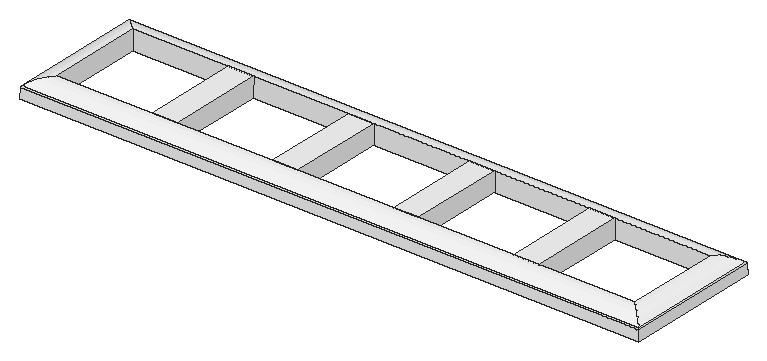
Revit family "Gira_021503", category Electrical Fixtures, host Face, Revit 2017
Family settings
  Host = Face
  Maintain Annotation Orientation = No
  Round Connector Dimension = Use Diameter
  Part Type = Normal
  Cut with Voids When Loaded = No
  Shared = No
  Room Calculation Point = No
Parameters (values of type "Cov.fr. 5-g Standard 55 p.white")
  With mounting grid = "No"
  With hinged lid = "No"
  URL = "http://katalog.gira.de/en/datenblatt.html?artikelnr=021503"
  Type of fastening = "Clamp mounting"
  Transparent = "No"
  Surface protection = "Other"
  Surface finishing = "Glossy"
  Suitable for wall duct = "No"
  Suitable for flush-mounted installation = "Yes"
  Suitable for floor box = "No"
  Suitable for built-in installation = "No"
  RAL-number (akin) = "9010"
  Number of units vertical = "5"
  Number of units horizontal = "5"
  Number of units = "5"
  Name = "Cov.fr. 5-g Standard 55 p.white"
  Mounting direction = "Horizontal and vertical"
  Material quality = "Thermoplastic"
  Material = "Plastic"
  Manufacturer URL = "https://www.gira.de/"
  Manufacturer = "Gira"
  Label space/information surface = "No"
  Keynote = ""
  HeinzeBIM = "https://bimportal.heinze.de/bim/cov-fr-5-g-standard-55-p-white/bd4a6320154486c6e95711e75dc2103faeaa69ae"
  Halogen free = "Yes"
  HAN = "021503"
  GTIN = "4010337215035"
  Description = "Cov.fr.5g Std55 PW,Gira Standard 55 cover frame,pure white glossy,5-gang,Features:,- Shatter-proof.,,Notes :,- Also suitable for duct installation.,- In connection with the seal kit, frame (1-gang to 5-gang) is also suitable for installation as water-protected flush-mounted IP44."
  Degree of protection (IP) = "IP20"
  Default Elevation = 1219.2 mm
  Data sheet (1) = "https://katalog.gira.de/en/download.html?artikelnr=021503"
  Colour = "White"
  Category = "Cover frame for domestic switching devices"
  BIM (1) = "https://media.stage.bim.site/public/gira/36a6b08/Std55_Rahmen_5fach.rfa"
  Available = "No"
Reference planes
  plane 1 "Center (Front/Back)": y = 0
  plane 2: z = 0
  plane 3 "Center (Left/Right)": x = 0
  plane 4: x = -40.3
  plane 5: x = 40.3
  plane 6: y = 183
  plane 7: y = -183
  plane 8: y = 35.7
  plane 9: y = -35.7
  plane 10: y = 107
  plane 11: y = -107
Forms (mm)
  Sweep 1, solid, material "White", detail levels fine
    path origin (0, 0, 0) x (0, -1, 0) y (1, 0, 0)
      loop
        line (40.3, 183) -> (-40.3, 183) -> (-40.3, -183) -> (40.3, -183) -> (40.3, 183)
    profile origin (183, 0, 0) x (-1, 0, 0) y (0, 0, 1)
      loop
        arc (12.22, 11.373) -> (5.983, 10.294) -> (0.641, 6.901) r 16.145
        arc (0.641, 6.901) -> (0.395, 6.426) -> (0.309, 5.898) r 1.694
        line (0.309, 5.898) -> (0, 0) -> (12.319, 0) -> (12.22, 11.373)
  Extrusion 2, solid, material "White", detail levels fine
    sketch origin (-107, 0, 0) x (1, 0, 0) y (0, 0, 1)
      loop
        line (7.4, 0) -> (7.4, 11.373) -> (-7.4, 11.373) -> (-7.4, 0) -> (7.4, 0)
    from -28.08 to 28.08
  Extrusion 3, solid, material "White", detail levels fine
    sketch origin (107, 0, 0) x (1, 0, 0) y (0, 0, 1)
      loop
        line (7.4, 0) -> (7.4, 11.373) -> (-7.4, 11.373) -> (-7.4, 0) -> (7.4, 0)
    from -28.08 to 28.08
  Extrusion 4, solid, material "White", detail levels fine
    sketch origin (35.7, 0, 0) x (1, 0, 0) y (0, 0, 1)
      loop
        line (7.4, 0) -> (7.4, 11.373) -> (-7.4, 11.373) -> (-7.4, 0) -> (7.4, 0)
    from -28.08 to 28.08
  Extrusion 5, solid, material "White", detail levels fine
    sketch origin (-35.7, 0, 0) x (1, 0, 0) y (0, 0, 1)
      loop
        line (7.4, 0) -> (7.4, 11.373) -> (-7.4, 11.373) -> (-7.4, 0) -> (7.4, 0)
    from -28.08 to 28.08
  Extrusion 6, solid, material "White", detail levels coarse+medium
    sketch origin (0, 0, 0) x (0, -1, 0) y (1, 0, 0)
      loop
        line (-39.659, 182.359) -> (-39.659, -182.365) -> (39.665, -182.365) -> (39.665, 182.359) -> (-39.659, 182.359)
    from 0 to 11.373
Dimensions and locks
  aligned and locked: plane 2 to host face
  aligned and locked: level to host face
